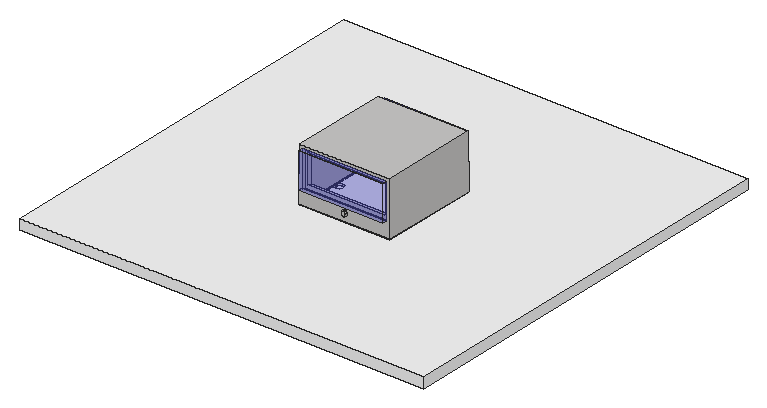
Revit family "BE_23013.2_de_DE", category Leuchten, Revit 2015
Parameters (values of type "BEGA_23013.2_K4")
  built-in parameter 1150104 = 12.387 (stored number, unit not read)
  Wattage = 4.2 W
  Default Elevation = 0 mm
  built-in parameter 1150113 = 1 (stored number, unit not read)
  built-in parameter 1114218 = 1 (stored number, unit not read)
  Umgebungstemperatur = "25 °C"
  URL = "http://www.bega.de/produkt/23013.2"
  Typenkommentare = "© 2017 BEGA. Wir behalten uns das Recht vor, technische Änderungen ohne vorherige Ankündigung vorzunehmen."  # constant formula
  built-in parameter 1150134 = 12
  built-in parameter 1150109 = 1 (stored number, unit not read)
  Strom = ""
  built-in parameter 1150110 = 1 (stored number, unit not read)
  Spannung = 239.996 V
  Sonderanfertigung = no
  Seriennummer [instance] = "Hier können Sie die eindeutige Seriennummer für das Facility Management eintragen."
  Schutzklasse = "I"
  Schutzart = "IP 20"
  Scheinlast = 0 VA
  Produktdatenblatt = "http://www.bega.de/download/Xrfa/db/23013.2.db.de.pdf"
  Oberflächentemperatur = ""
  Neigungswinkel = 0.00°
  Modell = "23013.2K4"
  Material_17 = BEGA_Reflektor
  Material_15 = BEGA_Leuchtmedium_matt
  Material_11 = BEGA_Glas_opal
  Material_09 = BEGA_Glas_klar
  Material_08 = BEGA_Oberfläche_Stahl_verzinkt
  Material_06 = BEGA_Oberfläche_Edelstahl_gebürstet
  Material_05 = BEGA_Oberfläche_Aluminium Guss
  Material_03 = BEGA_Oberfläche_Weiss_matt
  Material_02 = BEGA_Oberfläche_Silber_matt
  Material_01 [instance] = BEGA_Oberfläche_Grafit_matt
  M_W = no
  M_G = no
  M_A = no
  Logo = 0
  built-in parameter 1114217 = 1 (stored number, unit not read)
  built-in parameter 1150139 = (empty or 0)
  built-in parameter 1150105 = 44.562 (stored number, unit not read)
  built-in parameter 1150114 = 1 (stored number, unit not read)
  Lumens = 559.986 lm
  built-in parameter 1150115 = 1 (stored number, unit not read)
  Leuchtenlichtstrom = "242 lm"
  Leuchtenanzahl = ""
  Lebensdauerkriterien = "L70B50 @ 25 °C = 472000 h"
  Lastklassifizierung = Beleuchtung
  built-in parameter 1150112 = 1 (stored number, unit not read)
  Lampenlichtstrom = "560 lm"
  Lampe = "LED 4.2 W"
  LED_Modulbezeichnung = "2x LED-0234/840"
  Hersteller = "BEGA"  # constant formula
  Halbstreuwinkel = ""
  Gewicht = "0.7 kg"
  Gebrauchslageneinschränkung [instance] = ""
  Frequenz = "0/50-60 Hz"
  Farbwiedergabeindex = "Ra > 80"
  Farbtemperaturverschiebung bei Dämpfen der Lampe = <Keine Auswahl>
  Farbtemperatur = "4000 K"
  Color Filter = 16777215
  built-in parameter 1150133 = 10 (stored number, unit not read)
  Energieeffizienzklasse = "LED A++ - A"
  built-in parameter 1150137 = (empty or 0)
  built-in parameter 1150132 = (empty or 0)
  ENEC = ""
  Dimmbar [instance] = ""
  Datei für fotometrisches Netz = "BE_23015K4.IES"
  CE_Konformität = "ja"
  Bestellnummer = "23013.2K4"
  Beschreibung_Sonderanfertigung = "Hier können Sie Informationen zur Sonderanfertigung eintragen."
  Beschreibung = "Wandleuchte"
  built-in parameter 1150106 = 0.44562 (stored number, unit not read)
  Befestigungsbohrung = "Ø 8,5 mm"
  Befestigungsabstand = "68 mm"
  Ballwurfsicher = ""
  BEGA_Intern_aus = yes
  BEGA_Intern_an = yes
  BEGA_Intern_Konstruktion = yes
  BEGA_Intern = yes
  BEGA_IES = yes
  BEGA_Dummy = no
  Anschlussleitung = ""
  Anschlussleistung [instance] = "6 W"
  Anschlusskasten = ""
  built-in parameter 1150107 = 4000 (stored number, unit not read)
  built-in parameter 1150102 = (empty or 0)
  built-in parameter 1150138 = (empty or 0)
  Aktualisierung = "2017-06-22T04:08:41"
  Abstand_zur_angestrahlten_Fläche [instance] = ""
  AC/DC = "AC/DC"
Types (2, lengths in mm): name | built-in parameter 1150134 | Modell | LED_Modulbezeichnung | Farbtemperatur | Datei für fotometrisches Netz | Bestellnummer | built-in parameter 1150107
  BEGA_23013.2_K4 | 12 | "23013.2K4" | "2x LED-0234/840" | "4000 K" | "BE_23015K4.IES" | "23013.2K4" | 4000 (stored number, unit not read)
  BEGA_23013.2_K3 | (empty or 0) | "23013.2" | "2x LED-0234/830" | "3000 K" | "BE_23013.IES" | "23013.2" | 3000 (stored number, unit not read)
Reference planes
  plane 1 "Mitte (Vorne/Hinten)": y = 0
  plane 2: z = 0
  plane 3 "Mitte (Links/Rechts)": x = 0
  plane 4 "Links": x = -45
  plane 5 "Rechts": x = 45
  plane 6 "Unten": y = -53.25
  plane 7 "Oben": y = 53.25
  plane 8 "Vorne": z = 54
  plane 9 "Hinten": z = 0
Forms (mm)
  Extrusion 1, solid, material "BEGA_Platte_Weiss"
    sketch origin (0, -1119.2, 0) x (1, 0, 0) y (0, 1, 0)
      loop
        line (-200, 1319.2) -> (-200, 919.2) -> (200, 919.2) -> (200, 1319.2) -> (-200, 1319.2)
    from 0 to -10
  Extrusion 2, solid, material "BEGA_Dummy_matt", visible <- "BEGA_Dummy"
    sketch origin (80.095, -76.023, 0) x (1, 0, 0) y (0, 1, 0)
      loop
        line (-125.095, 129.273) -> (-125.095, 22.773) -> (-35.095, 22.773) -> (-35.095, 129.273) -> (-125.095, 129.273)
    from 0 to 54
Dimensions and locks
  plane 1 "Mitte (Vorne/Hinten)" to Extrusion 1 = 200 mm
  aligned and locked: plane 2 to Extrusion 1
  aligned and locked: level to Extrusion 1
Nested families
  nested 1: "BE_23013.2" at (0, 0, 0), type "BE_23013.2"
Connectors
  electrical at (0, 0, 0), driven by "Lastklassifizierung", driven by "Spannung", driven by "Scheinlast"
    settings: index 1, voltage 239.996 V, apparent load 0 VA, apparent load phase1 0 VA, apparent load phase2 0 VA, apparent load phase3 0 VA, power factor 1, load classification "Beleuchtung", number of poles 1, system type 31, power factor state 1, is connector primary yes, connector utility no, sub classification motor no, connector description ""
Definition of nested family "BE_23013.2"
  Parameters (values of type "BE_23013.2")
    Default Elevation = 1 mm
    URL = "http://www.bega.de/de/produkt"
    Type Comments = "© 2015 BEGA. Wir behalten uns das Recht vor, technische Änderungen ohne vorherige Ankündigung vorzunehmen. "  # constant formula
    Type Image = (empty or 0)
    Neigungswinkel_um_Z2 = 0.00°
    Neigungswinkel_um_Z1 = 0.00°
    Neigungswinkel_um_Y2 = 0.00°
    Neigungswinkel_um_Y1 = 0.00°
    Neigungswinkel_um_X2 = 0.00°
    Neigungswinkel_um_X1 = 0.00°
    Material_17 = none
    Material_15 = none
    Material_11 = none
    Material_09 = none
    Material_08 = none
    Material_06 = none
    Material_05 = none
    Material_03 = none
    Material_02 = none
    Material_01 = none
    M_W = yes
    M_G = yes
    M_A = yes
    Länge_Platte = 200 mm  # constant formula
    Höhe_Platte = -10 mm  # constant formula
    Manufacturer = "BEGA"  # constant formula
    Drehwinkel_um_Z2 = 0.00°
    Drehwinkel_um_Z1 = 0.00°
    Breite_Platte = 200 mm  # constant formula
  Reference planes
    plane 1 "Mitte (Oben/Unten)": y = 0
    plane 2: z = 0
    plane 3 "Mitte (Links/Rechts)": x = 0
    plane 4: x = -45
    plane 5: z = 54
    plane 6: x = 45
    plane 7: y = 53.25
    plane 8: y = -53.25
  Forms (mm)
    Extrusion 1, solid, detail levels medium
      sketch origin (0, 0, 0) x (1, 0, 0) y (0, 1, 0)
        loop
          line (-100, 100) -> (-100, -100) -> (100, -100) -> (100, 100) -> (-100, 100)
      from 0 to -10 <- "Höhe_Platte"
    Extrusion 2, solid, material <- "Material_06", detail levels medium+fine
      sketch origin (0, 0, 0) x (0, 1, 0) y (0, 0, 1)
        loop
          line (48.25, 1) -> (48.25, 54) -> (-48.25, 54) -> (-48.25, 1) -> (-45.835, 1) -> (-45.835, 52) -> (45.835, 52) -> (45.835, 1) -> (48.25, 1)
      from -46.014 to 46.014
    Extrusion 3, solid, material <- "Material_06", detail levels medium+fine
      sketch origin (0, 0, 0) x (1, 0, 0) y (0, 0, 1)
        loop
          line (-46.014, 54) -> (-46.014, 1) -> (-43.5, 1) -> (-43.5, 54) -> (-46.014, 54)
        loop
          line (46.014, 54) -> (43.5, 54) -> (43.5, 1) -> (46.014, 1) -> (46.014, 54)
      from -48.25 to 48.25
    Extrusion 4, void
      sketch origin (0, 0, 0) x (1, 0, 0) y (0, 0, 1)
        loop
          line (-45.008, 0.549) -> (-44.065, 54.543) -> (-46.84, 54.543) -> (-46.84, 0.549) -> (-45.008, 0.549)
        loop
          line (45.008, 0.549) -> (46.84, 0.549) -> (46.84, 54.543) -> (44.065, 54.543) -> (45.008, 0.549)
      from -49.824 to 51.45
    Sweep 5, solid, material <- "Material_03", detail levels medium+fine
      path origin (0, 0, 0) x (1, 0, 0) y (0, 1, 0)
        loop
          line (45, 48.25) -> (-45, 48.25) -> (-45, -48.25) -> (45, -48.25) -> (45, 48.25)
      profile origin (0, 48.25, 0) x (0, -1, 0) y (0, 0, 1)
        loop
          line (0.5, 0) -> (4.017, 0)
          arc (4.017, 0) -> (5.077, 0.439) -> (5.517, 1.5) r 1.5
          line (5.517, 1.5) -> (5.517, 2.5)
          arc (5.517, 2.5) -> (5.663, 2.854) -> (6.017, 3) r 0.5
          line (6.017, 3) -> (42.243, 3) -> (42.243, 4) -> (6.017, 4)
          arc (6.017, 4) -> (4.956, 3.561) -> (4.517, 2.5) r 1.5
          line (4.517, 2.5) -> (4.517, 1.5)
          arc (4.517, 1.5) -> (4.37, 1.146) -> (4.017, 1) r 0.5
          line (4.017, 1) -> (0.5, 1) -> (0.5, 0)
    Extrusion 6, solid, material <- "Material_03", detail levels medium+fine
      sketch origin (0, 0, 0) x (0, 1, 0) y (0, 0, 1)
        loop
          line (6.007, 4) -> (-6.007, 4) -> (-6.007, 3) -> (6.007, 3) -> (6.007, 4)
      from -2.757 to 2.757
    Extrusion 7, void
      sketch origin (0, 0, 0) x (1, 0, 0) y (0, 1, 0)
        loop
          circle (10, 17) r 8.5
        loop
          circle (-34, -12) r 4.25
        loop
          circle (34, -12) r 4.25
      from 0 to 8
    Extrusion 8, solid, material <- "Material_06", detail levels medium+fine
      sketch origin (0, 0, 0) x (0, 1, 0) y (0, 0, 1)
        loop
          line (45.835, 52) -> (42.76, 52) -> (42.76, 13.991) -> (45.835, 13.991) -> (45.835, 52)
        loop
          line (-45.835, 52) -> (-45.835, 13.991) -> (-42.76, 13.991) -> (-42.76, 52) -> (-45.835, 52)
      from -43.09 to 43.5
    Extrusion 9, void
      sketch origin (0, 0, 0) x (0, 1, 0) y (0, 0, 1)
        loop
          line (49.5, 48.03) -> (-49.715, 48.03) -> (-49.715, 18.623) -> (49.5, 18.623) -> (49.5, 48.03)
      from -38.275 to 38.275
    Extrusion 10, void
      sketch origin (0, 0, 0) x (0, 1, 0) y (0, 0, 1)
        loop
          line (45.835, 51.347) -> (45.835, 15.347) -> (49.744, 15.347) -> (49.744, 51.347) -> (45.835, 51.347)
        loop
          line (-45.835, 51.347) -> (-49.744, 51.347) -> (-49.744, 15.347) -> (-45.835, 15.347) -> (-45.835, 51.347)
      from -41.566 to 41.769
    Extrusion 11, solid, material <- "Material_11", detail levels medium+fine
      sketch origin (0, 0, 0) x (0, 1, 0) y (0, 0, 1)
        loop
          line (53.25, 15.347) -> (53.25, 51.347) -> (45.25, 51.347) -> (45.25, 15.347) -> (53.25, 15.347)
      from -41.566 to 41.769
    Extrusion 12, solid, material <- "Material_11", detail levels medium+fine
      sketch origin (0, 0, 0) x (0, -1, 0) y (0, 0, -1)
        loop
          line (53.25, -15.347) -> (45.25, -15.347) -> (45.25, -51.347) -> (53.25, -51.347) -> (53.25, -15.347)
      from -41.566 to 41.769
    Revolve 13, void
      sketch origin (0, 0, 0) x (0, 1, 0) y (0, 0, 1)
        loop
          line (-46.138, 10.5) -> (-47.677, 10.5) -> (-48.584, 11.407) -> (-48.584, 8) -> (-46.138, 8) -> (-46.138, 10.5)
        axis (-46.138, 8) -> (-48.584, 8)
      angle from 0 to 360
    Revolve 14, solid, material <- "Material_06", detail levels fine
      sketch origin (0, 0, 0) x (0, 1, 0) y (0, 0, 1)
        loop
          line (-49.45, 10) -> (-49.45, 8) -> (-46.138, 8) -> (-46.138, 10.5) -> (-47.633, 10.5) -> (-48.25, 10) -> (-49.45, 10)
        axis (-46.138, 8) -> (-49.45, 8)
      angle from 0 to 360
  Cuts and joins
    Extrusion 4, Extrusion 9, Extrusion 10, Revolve 13 cuts Extrusion 2
    Extrusion 4, Extrusion 9, Extrusion 10, Revolve 13 cuts Extrusion 3
    Extrusion 9, Extrusion 10, Revolve 13 cuts Extrusion 8
    joined: Extrusion 2, Extrusion 3, Extrusion 8
    Extrusion 7 cuts Sweep 5
    Extrusion 7 cuts Extrusion 6
    joined: Sweep 5, Extrusion 6
  Dimensions and locks
    equal spacing: Extrusion 1 sketch curve, plane 3 "Mitte (Links/Rechts)", Extrusion 1 sketch curve
    equal spacing: Extrusion 1 sketch curve, plane 1 "Mitte (Oben/Unten)", Extrusion 1 sketch curve
    "Länge_Platte": Extrusion 1 sketch curve to Extrusion 1 sketch curve
    "Breite_Platte": Extrusion 1 sketch curve to Extrusion 1 sketch curve
    aligned and locked: Extrusion 1 to plane 2
    aligned and locked: level to Extrusion 1
  Automatic sketch dimensions
    level to Extrusion 2 sketch curve = 1 mm  (x2)
    plane 1 "Mitte (Oben/Unten)" to Extrusion 2 sketch curve = 48.25 mm
    Extrusion 2 sketch curve to Extrusion 2 sketch curve = 2.415 mm  (x2)
    Extrusion 2 sketch curve to plane 1 "Mitte (Oben/Unten)" = 45.835 mm
    Extrusion 2 sketch curve to Extrusion 2 sketch curve = 51 mm
    Extrusion 2 sketch curve to Extrusion 2 sketch curve = 2 mm
    level to Extrusion 3 sketch curve = 1 mm  (x2)
    Extrusion 3 sketch curve to plane 3 "Mitte (Links/Rechts)" = 46.014 mm
    Extrusion 3 sketch curve to Extrusion 3 sketch curve = 2.514 mm  (x2)
    plane 3 "Mitte (Links/Rechts)" to Extrusion 3 sketch curve = 43.5 mm
    Extrusion 3 sketch curve to Extrusion 3 sketch curve = 53 mm  (x2)
    Extrusion 4 sketch curve to plane 3 "Mitte (Links/Rechts)" = 46.84 mm
    level to Extrusion 4 sketch curve = 0.549 mm  (x2)
    Extrusion 4 sketch curve to Extrusion 4 sketch curve = 1.832 mm  (x2)
    Extrusion 4 sketch curve to Extrusion 4 sketch curve = 2.775 mm
    plane 3 "Mitte (Links/Rechts)" to Extrusion 4 sketch curve = 44.065 mm
    plane 3 "Mitte (Links/Rechts)" to Extrusion 4 sketch curve = 45.008 mm
    Extrusion 4 sketch curve to Extrusion 4 sketch curve = 53.994 mm  (x2)
    Sweep 5 sketch curve to plane 3 "Mitte (Links/Rechts)" = 45 mm
    plane 3 "Mitte (Links/Rechts)" to Sweep 5 sketch curve = 45 mm
    plane 1 "Mitte (Oben/Unten)" to Sweep 5 sketch curve = 48.25 mm
    Sweep 5 sketch curve to plane 1 "Mitte (Oben/Unten)" = 48.25 mm
    Sweep 5 sketch curve to Sweep 5 sketch curve = 0 mm  (x4)
    Sweep 5 sketch curve to level = 0 mm
    Sweep 5 sketch curve to profile plane = 0.5 mm
    level to Sweep 5 sketch curve = 1 mm
    Sweep 5 sketch curve to Sweep 5 sketch curve = 3.517 mm
    Sweep 5 sketch curve to Sweep 5 sketch curve = 0.5 mm  (x2)
    level to Sweep 5 sketch curve = 4 mm
    Sweep 5 sketch curve to Sweep 5 sketch curve = 36.226 mm
    plane 1 "Mitte (Oben/Unten)" to Extrusion 6 sketch curve = 6.007 mm
    level to Extrusion 6 sketch curve = 3 mm
    Extrusion 6 sketch curve to plane 1 "Mitte (Oben/Unten)" = 6.007 mm
    Extrusion 6 sketch curve to Extrusion 6 sketch curve = 1 mm
    plane 1 "Mitte (Oben/Unten)" to Extrusion 7 sketch curve = 12 mm  (x2)
    Extrusion 7 sketch curve to plane 3 "Mitte (Links/Rechts)" = 34 mm
    plane 3 "Mitte (Links/Rechts)" to Extrusion 7 sketch curve = 10 mm
    plane 3 "Mitte (Links/Rechts)" to Extrusion 7 sketch curve = 34 mm
    Extrusion 7 sketch curve to plane 1 "Mitte (Oben/Unten)" = 17 mm
    level to Extrusion 8 sketch curve = 13.991 mm  (x2)
    plane 1 "Mitte (Oben/Unten)" to Extrusion 8 sketch curve = 45.835 mm
    Extrusion 8 sketch curve to Extrusion 8 sketch curve = 3.075 mm  (x2)
    Extrusion 8 sketch curve to plane 1 "Mitte (Oben/Unten)" = 42.76 mm
    Extrusion 8 sketch curve to Extrusion 8 sketch curve = 38.009 mm  (x2)
    plane 1 "Mitte (Oben/Unten)" to Extrusion 9 sketch curve = 49.715 mm
    level to Extrusion 9 sketch curve = 18.623 mm
    Extrusion 9 sketch curve to plane 1 "Mitte (Oben/Unten)" = 49.5 mm
    Extrusion 9 sketch curve to Extrusion 9 sketch curve = 29.407 mm
    plane 1 "Mitte (Oben/Unten)" to Extrusion 10 sketch curve = 49.744 mm
    Extrusion 10 sketch curve to Extrusion 10 sketch curve = 3.91 mm  (x2)
    level to Extrusion 10 sketch curve = 15.347 mm  (x2)
    Extrusion 10 sketch curve to plane 1 "Mitte (Oben/Unten)" = 45.835 mm
    Extrusion 10 sketch curve to Extrusion 10 sketch curve = 36 mm  (x2)
    level to Extrusion 11 sketch curve = 15.347 mm
    Extrusion 11 sketch curve to plane 1 "Mitte (Oben/Unten)" = 45.25 mm
    Extrusion 11 sketch curve to Extrusion 11 sketch curve = 8 mm
    Extrusion 11 sketch curve to Extrusion 11 sketch curve = 36 mm
    Extrusion 12 sketch curve to level = 15.347 mm
    Extrusion 12 sketch curve to plane 1 "Mitte (Oben/Unten)" = 45.25 mm
    Extrusion 12 sketch curve to Extrusion 12 sketch curve = 8 mm
    Extrusion 12 sketch curve to Extrusion 12 sketch curve = 36 mm
    level to Revolve 14 sketch curve = 10 mm
    plane 1 "Mitte (Oben/Unten)" to Revolve 14 sketch curve = 49.45 mm
    Revolve 14 sketch curve to Revolve 14 sketch curve = 1.2 mm
    level to Revolve 14 sketch curve = 10.5 mm
    Revolve 14 sketch curve to Revolve 14 sketch curve = 0.617 mm
    Revolve 14 sketch curve to Revolve 14 sketch curve = 1.494 mm
    Revolve 14 sketch curve to Revolve 14 sketch curve = 2.5 mm
    Revolve 14 sketch curve to Revolve 14 sketch curve = 0 mm  (x3)
    level to Revolve 13 sketch curve = 8 mm
    plane 1 "Mitte (Oben/Unten)" to Revolve 13 sketch curve = 48.584 mm
    Revolve 13 sketch curve to Revolve 13 sketch curve = 0.907 mm  (x2)
    Revolve 13 sketch curve to Revolve 13 sketch curve = 2.445 mm
    Revolve 13 sketch curve to Revolve 13 sketch curve = 2.5 mm
    Revolve 13 sketch curve to Revolve 13 sketch curve = 0 mm  (x3)
    radius of Extrusion 7 sketch curve = 8.5 mm
    radius of Extrusion 7 sketch curve = 4.25 mm  (x2)
